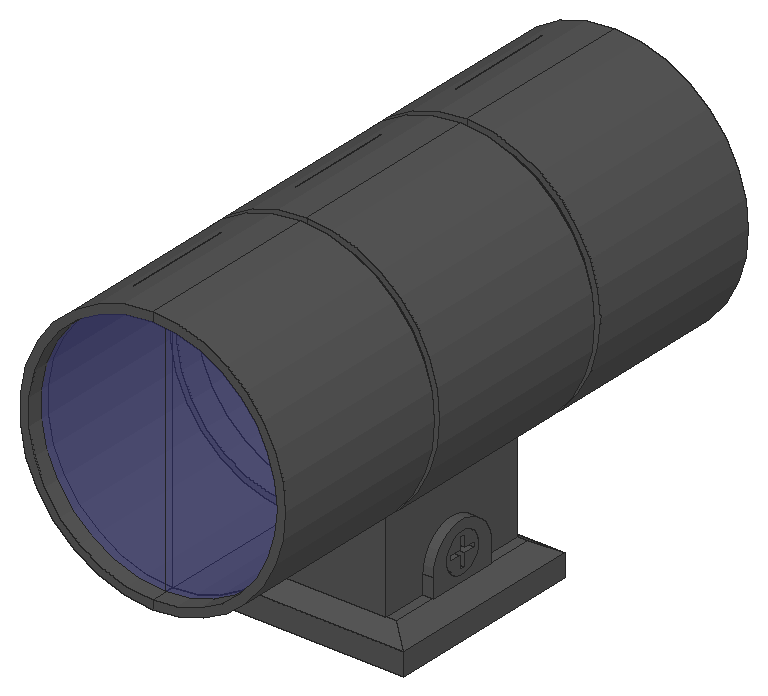
Revit family "CARLO CYLINDER LIGHT WALL MOUNT", category Lighting Fixtures, host Face, Revit 2020 (continued)
Types (10): name | Wattage_Input | Wattage Comments | Wattage | Photometric Web File | built-in parameter 1150142 | Model | built-in parameter 1150105 | Lumens | Light Length 1 | LIGHT RADIUS | LIGHT PLACEMENT | LIGHT LENGTH | LIGHT DIA | built-in parameter 1150106 | FIXED END HEIGHT | Curve base Height | Base Curve | BEAMING ANGLE | Apparent Load
    .3656 7.9061 8.465 9.0389 9.628 10.235 10.848 11.44 \r\n 12.053 12.741 13.449 14.12 14.813 15.574 16.382 17.207 18.122 19.169 \r\n 20.403 21.835 23.636 25.996 28.863 31.591 36.152 44.499 56.044 71.444 \r\n 88.906 106.45 125.29 146.83 168.54 188.62 206.36 219.74 230.89 241.49 \r\n 250.9 259.29 265.91 269.5 271.67 273.55 275.35 277.89 280.42 282.08 \r\n 284.07 287.83 291.78 294.55 297.08 300.01 302.84 305.03 307.35 310.69 \r\n 314.2 317.21 320.03 322.65 325.25 327.93 330.8 334 337.49 341.23 \r\n 345.37 350.04 355.24 360.81 367.4 375.43 385.42 397.71 413.26 432.81 \r\n 457.31 487.68 524.74 569.47 622.31 683.14 754.63 841.25 937.48 1035 \r\n 1146.7 1285.7 1443.8 1619 1805.6 1998.5 2194.3 2388.3 2579.7 2765.6 \r\n 2947.1 3130.6 3297.8 3430.2 3534.9 3611.8 3663.7 3688.5 3701.5 3719 \r\n 3733.6 \r\n3725 3713.6 3697.1 3685.4 3664.5 3622.5 3558.5 3467.1 3350.5 3206.9 \r\n 3044 2869.9 2682.8 2479.5 2272.6 2074.8 1881.9 1691.4 1511.3 1346.2 \r\n 1203.1 1099.1 1008.6 906.07 807.93 722.34 648.58 590.24 542.56 501.99 \r\n 468.59 441.59 420.01 402.89 389.38 378.42 369.62 362.28 356.18 350.97 \r\n 346.45 342.36 338.65 335.15 331.96 329.2 326.63 324.07 321.49 318.87 \r\n 316.08 312.81 309.65 307.3 305.06 302.29 299.53 297.38 295.05 291.6 \r\n 288.12 285.76 283.52 280.46 277.48 275.39 273.5 271.31 269.13 267.9 \r\n 265.33 259.3 250.19 237.53 221.64 201.98 180.66 159.6 138.88 119.56 \r\n 100.69 80.903 62.501 47.065 35.428 30.136 27.635 24.961 22.879 21.175 \r\n 19.82 18.746 17.862 17.054 16.316 15.599 14.916 14.27 13.639 12.99 \r\n 12.356 11.769 11.192 10.588 9.9887 9.4174 8.8601 8.3103 7.7689 7.2296 \r\n 6.708 6.2206 5.758 5.3142 4.8954 4.506 4.1461 3.8168 3.5199 3.2613 \r\n 3.0288 2.8086 2.6107 2.4452 2.2984 2.158 2.0301 1.9188 1.8181 1.7222 \r\n 1.6343 1.5566 1.4858 1.4207 1.3575 1.2894 1.2246 1.1724 1.1232 1.0692 \r\n 1.0154 0.96455 0.91595 0.87057 0.82624 0.77928 0.73509 0.69985 0.66759 0.63386 \r\n 0.6003 0.56655 0.53418 0.50551 0.47798 0.45035 0.42257 0.39378 0.36524 0.33813 \r\n 0.31186 0.28659 0.26133 0.23436 0.20801 0.18436 0.16242 0.14241 0.12278 0.10126 \r\n 0.080286 0.061839 0.044963 0.028729 0.015048 0.0057369 0.00014648 0 0 0 \r\n 0 0 0 0 0.000064 0.0018041 0.0057465 0.013254 0.023425 0.035232 \r\n 0.050409 0.072045 0.095041 0.11382 0.13291 0.15583 0.18008 0.20385 0.2285 0.25552 \r\n 0.28281 0.30822 0.33339 0.35918 0.38579 0.41422 0.44288 0.46978 0.4971 0.52685 \r\n 0.55757 0.58871 0.61947 0.64745 0.67688 0.71636 0.75912 0.80032 0.84269 0.88711 \r\n 0.93434 0.98684 1.0405 1.0894 1.1412 1.2036 1.2697 1.3345 1.4 1.4638 \r\n 1.5335 1.6179 1.7109 1.807 1.9132 2.0365 2.1727 2.3167 2.4783 2.6673 \r\n 2.8775 3.1037 3.3529 3.6296 3.9354 4.273 4.6446 5.0588 5.4997 5.9501 \r\n 6.423 6.9301 7.4591 8.0014 8.5591 9.1309 9.7184 10.33 10.945 11.528 \r\n 12.131 12.812 13.512 14.173 14.855 15.608 16.403 17.208 18.093 19.091 \r\n 20.275 21.677 23.453 25.782 28.621 31.245 35.873 44.702 57.078 73.863 \r\n 92.706 111.07 130.37 151.82 173.49 194.19 212.91 227.81 240.11 250.51 \r\n 258.65 264.11 267.81 270.45 272.3 273.65 275.09 277.66 280.31 281.84 \r\n 283.68 287.42 291.34 293.86 296.19 299.21 302.23 304.62 307.15 310.65 \r\n 314.28 317.37 320.26 323.06 325.79 328.44 331.23 334.43 337.93 341.69 \r\n 345.82 350.41 355.55 361.2 367.93 376.13 386.36 399.02 415.02 435.07 \r\n 460.16 491.25 529.11 574.73 628.43 689.52 762.09 853.12 953.29 1049.9 \r\n 1160 1299.6 1458.7 1634.4 1821.3 2012.8 2208.7 2408.8 2606.2 2793.6 \r\n 2973.2 3149.8 3309.4 3438.1 3540.2 3613.9 3663.4 3687.8 3701.1 3718.4 \r\n 3733.6 \r\n3725 3717.7 3700.5 3686.6 3662.2 3615 3544.6 3445 3320.4 3170.3 \r\n 3002.4 2824.9 2635.4 2429.9 2222.1 2025.8 1835.8 1648.8 1473 1314.4 \r\n 1175.6 1068 972.17 866.67 769.73 695.91 634.76 580.16 533.62 494.92 \r\n 463.07 437.37 416.78 400.29 387.22 376.72 368.34 361.45 355.73 350.68 \r\n 346.22 342.1 338.34 334.81 331.61 328.88 326.26 323.34 320.32 317.33 \r\n 314.16 310.42 306.77 304 301.37 298.14 295.05 293.01 290.82 287.02 \r\n 283.37 281.68 280.25 277.46 274.85 273.82 273.11 271.67 270.24 270.29 \r\n 268.6 262.04 251.83 237.92 220.9 200.83 179.29 157.82 136.63 116.75 \r\n 97.298 76.616 58.012 44.644 35.291 30.601 28.121 25.345 23.081 21.354 \r\n 20.002 18.893 17.967 17.129 16.356 15.584 14.849 14.183 13.537 12.852 \r\n 12.186 11.597 11.022 10.406 9.7927 9.2092 8.6419 8.087 7.5435 7.0036 \r\n 6.4851 6.0077 5.5579 5.125 4.7196 4.3517 4.0129 3.6953 3.4067 3.1565 \r\n 2.9325 2.7235 2.536 2.3765 2.2344 2.0999 1.9774 1.8701 1.7724 1.6779 \r\n 1.5919 1.5205 1.4552 1.3888 1.3229 1.2551 1.1908 1.137 1.0863 1.0314 \r\n 0.97813 0.93097 0.88583 0.83959 0.79391 0.74797 0.706 0.67537 0.64574 0.6137 \r\n 0.58167 0.5511 0.52152 0.49319 0.46537 0.43731 0.40927 0.38097 0.35316 0.32685 \r\n 0.30103 0.27498 0.24893 0.22238 0.19684 0.17407 0.1528 0.13273 0.11267 0.090165 \r\n 0.068645 0.051547 0.03644 0.020893 0.0083413 0.0024662 0.000092 0 0 0 \r\n 0 0 0 0 0.000092 0.0024662 0.0083413 0.020893 0.03644 0.051547 \r\n 0.068645 0.090165 0.11267 0.13273 0.1528 0.17407 0.19684 0.22238 0.24893 0.27498 \r\n 0.30103 0.32685 0.35316 0.38097 0.40927 0.43731 0.46537 0.49319 0.52152 0.5511 \r\n 0.58167 0.6137 0.64574 0.67537 0.706 0.74797 0.79391 0.83959 0.88583 0.93097 \r\n 0.97813 1.0314 1.0863 1.137 1.1908 1.2551 1.3229 1.3888 1.4552 1.5205 \r\n 1.5919 1.6779 1.7724 1.8701 1.9774 2.0999 2.2344 2.3765 2.536 2.7235 \r\n 2.9325 3.1565 3.4067 3.6953 4.0129 4.3517 4.7196 5.125 5.5579 6.0077 \r\n 6.4851 7.0036 7.5435 8.087 8.6419 9.2092 9.7927 10.406 11.022 11.597 \r\n 12.186 12.852 13.537 14.183 14.849 15.584 16.356 17.129 17.967 18.893 \r\n 20.002 21.354 23.081 25.345 28.121 30.601 35.291 44.644 58.012 76.616 \r\n 97.298 116.75 136.63 157.82 179.29 200.83 220.9 237.92 251.83 262.04 \r\n 268.6 270.29 270.24 271.67 273.11 273.82 274.85 277.46 280.25 281.68 \r\n 283.37 287.02 290.82 293.01 295.05 298.14 301.37 304 306.77 310.42 \r\n 314.16 317.33 320.32 323.34 326.26 328.88 331.61 334.81 338.34 342.1 \r\n 346.22 350.68 355.73 361.45 368.34 376.72 387.22 400.29 416.78 437.37 \r\n 463.07 494.92 533.62 580.16 634.76 695.91 769.73 866.67 972.17 1068 \r\n 1175.6 1314.4 1473 1648.8 1835.8 2025.8 2222.1 2429.9 2635.4 2824.9 \r\n 3002.4 3170.3 3320.4 3445 3544.6 3615 3662.2 3686.6 3700.5 3717.7 \r\n 3733.6 \r\n3725 3718.4 3701.1 3687.8 3663.4 3613.9 3540.2 3438.1 3309.4 3149.8 \r\n 2973.2 2793.6 2606.2 2408.8 2208.7 2012.8 1821.3 1634.4 1458.7 1299.6 \r\n 1160 1049.9 953.29 853.12 762.09 689.52 628.43 574.73 529.11 491.25 \r\n 460.16 435.07 415.02 399.02 386.36 376.13 367.93 361.2 355.55 350.41 \r\n 345.82 341.69 337.93 334.43 331.23 328.44 325.79 323.06 320.26 317.37 \r\n 314.28 310.65 307.15 304.62 302.23 299.21 296.19 293.86 291.34 287.42 \r\n 283.68 281.84 280.31 277.66 275.09 273.65 272.3 270.45 267.81 264.11 \r\n 258.65 250.51 240.11 227.81 212.91 194.19 173.49 151.82 130.37 111.07 \r\n 92.706 73.863 57.078 44.702 35.873 31.245 28.621 25.782 23.453 21.677 \r\n 20.275 19.091 18.093 17.208 16.403 15.608 14.855 14.173 13.512 12.812 \r\n 12.131 11.528 10.945 10.33 9.7184 9.1309 8.5591 8.0014 7.4591 6.9301 \r\n 6.423 5.9501 5.4997 5.0588 4.6446 4.273 3.9354 3.6296 3.3529 3.1037 \r\n 2.8775 2.6673 2.4783 2.3167 2.1727 2.0365 1.9132 1.807 1.7109 1.6179 \r\n 1.5335 1.4638 1.4 1.3345 1.2697 1.2036 1.1412 1.0894 1.0405 0.98684 \r\n 0.93434 0.88711 0.84269 0.80032 0.75912 0.71636 0.67688 0.64745 0.61947 0.58871 \r\n 0.55757 0.52685 0.4971 0.46978 0.44288 0.41422 0.38579 0.35918 0.33339 0.30822 \r\n 0.28281 0.25552 0.2285 0.20385 0.18008 0.15583 0.13291 0.11382 0.095041 0.072045 \r\n 0.050409 0.035232 0.023425 0.013254 0.0057465 0.0018041 0.000064 0 0 0 \r\n 0 0 0 0 0.00014648 0.0057369 0.015048 0.028729 0.044963 0.061839 \r\n 0.080286 0.10126 0.12278 0.14241 0.16242 0.18436 0.20801 0.23436 0.26133 0.28659 \r\n 0.31186 0.33813 0.36524 0.39378 0.42257 0.45035 0.47798 0.50551 0.53418 0.56655 \r\n 0.6003 0.63386 0.66759 0.69985 0.73509 0.77928 0.82624 0.87057 0.91595 0.96455 \r\n 1.0154 1.0692 1.1232 1.1724 1.2246 1.2894 1.3575 1.4207 1.4858 1.5566 \r\n 1.6343 1.7222 1.8181 1.9188 2.0301 2.158 2.2984 2.4452 2.6107 2.8086 \r\n 3.0288 3.2613 3.5199 3.8168 4.1461 4.506 4.8954 5.3142 5.758 6.2206 \r\n 6.708 7.2296 7.7689 8.3103 8.8601 9.4174 9.9887 10.588 11.192 11.769 \r\n 12.356 12.99 13.639 14.27 14.916 15.599 16.316 17.054 17.862 18.746 \r\n 19.82 21.175 22.879 24.961 27.635 30.136 35.428 47.065 62.501 80.903 \r\n 100.69 119.56 138.88 159.6 180.66 201.98 221.64 237.53 250.19 259.3 \r\n 265.33 267.9 269.13 271.31 273.5 275.39 277.48 280.46 283.52 285.76 \r\n 288.12 291.6 295.05 297.38 299.53 302.29 305.06 307.3 309.65 312.81 \r\n 316.08 318.87 321.49 324.07 326.63 329.2 331.96 335.15 338.65 342.36 \r\n 346.45 350.97 356.18 362.28 369.62 378.42 389.38 402.89 420.01 441.59 \r\n 468.59 501.99 542.56 590.24 648.58 722.34 807.93 906.07 1008.6 1099.1 \r\n 1203.1 1346.2 1511.3 1691.4 1881.9 2074.8 2272.6 2479.5 2682.8 2869.9 \r\n 3044 3206.9 3350.5 3467.1 3558.5 3622.5 3664.5 3685.4 3697.1 3713.6 \r\n 3733.6 \r\n3725 3719 3701.5 3688.5 3663.7 3611.8 3534.9 3430.3 3297.8 3130.6 \r\n 2947.1 2765.6 2579.7 2388.3 2194.3 1998.5 1805.6 1619 1443.8 1285.7 \r\n 1146.7 1035 937.48 841.25 754.63 683.14 622.31 569.47 524.74 487.68 \r\n 457.31 432.81 413.26 397.71 385.42 375.43 367.4 360.81 355.24 350.04 \r\n 345.37 341.23 337.49 334 330.8 327.93 325.25 322.65 320.03 317.21 \r\n 314.2 310.69 307.35 305.03 302.84 300.01 297.08 294.55 291.78 287.83 \r\n 284.07 282.08 280.42 277.89 275.35 273.55 271.67 269.5 265.91 259.29 \r\n 250.9 241.49 230.89 219.74 206.36 188.62 168.54 146.83 125.29 106.45 \r\n 88.906 71.444 56.044 44.499 36.152 31.591 28.863 25.996 23.636 21.835 \r\n 20.403 19.169 18.122 17.207 16.382 15.574 14.813 14.12 13.449 12.741 \r\n 12.053 11.44 10.848 10.235 9.628 9.0389 8.465 7.9061 7.3656 6.8464 \r\n 6.3499 5.8814 5.4315 4.9851 4.5649 4.1919 3.857 3.5614 3.295 3.048 \r\n 2.8214 2.6119 2.4231 2.2609 2.116 1.9794 1.8562 1.7514 1.6573 1.566 \r\n 1.4832 1.415 1.3527 1.2884 1.2248 1.1604 1.0999 1.0498 1.0024 0.95007 \r\n 0.89861 0.85153 0.80779 0.76849 0.73082 0.69056 0.65303 0.62457 0.59787 0.56824 \r\n 0.53793 0.50719 0.47734 0.4507 0.42445 0.39548 0.36696 0.3418 0.31766 0.29336 \r\n 0.26826 0.24013 0.21251 0.18946 0.16718 0.14186 0.11766 0.099168 0.081263 0.058004 \r\n 0.036396 0.022607 0.013219 0.0071697 0.0035753 0.0012072 0.000040 0 0 0 \r\n 0 0 0 0 0.00018482 0.0081006 0.019957 0.034694 0.051667 0.069894 \r\n 0.089325 0.10985 0.13066 0.1503 0.17061 0.19309 0.21737 0.24438 0.27171 0.29639 \r\n 0.32107 0.34772 0.37549 0.40463 0.43385 0.46154 0.48897 0.51627 0.5452 0.57971 \r\n 0.6159 0.6506 0.68561 0.7207 0.75876 0.8046 0.85233 0.89575 0.9406 0.99192 \r\n 1.0457 1.0998 1.1533 1.2018 1.2534 1.3183 1.3866 1.4483 1.5133 1.589 \r\n 1.6724 1.7624 1.8601 1.9642 2.0798 2.2126 2.3585 2.5105 2.6825 2.8899 \r\n 3.1205 3.3618 3.6294 3.936 4.2774 4.656 5.0643 5.4954 5.9495 6.4239 \r\n 6.9208 7.446 7.9858 8.5265 9.0734 9.6246 10.188 10.777 11.373 11.954 \r\n 12.542 13.152 13.774 14.396 15.031 15.679 16.361 17.085 17.888 18.768 \r\n 19.845 21.231 22.954 24.923 27.605 30.384 36.42 49.982 67.114 85.389 \r\n 104.5 122.96 141.84 162.04 182.59 203.55 222.75 237.75 249.45 257.61 \r\n 263.12 266.41 268.69 271.48 274.29 277.1 280.03 283.27 286.51 289.38 \r\n 292.24 295.52 298.67 301.09 303.32 305.8 308.19 310.12 312.13 314.88 \r\n 317.74 320.22 322.57 324.8 327.1 329.65 332.47 335.65 339.13 342.82 \r\n 346.92 351.53 356.95 363.43 371.27 380.59 392.13 406.3 424.28 447.1 \r\n 475.63 510.83 553.5 602.71 664.59 748.6 843.82 943.45 1044.6 1133 \r\n 1236.2 1384 1555 1739 1932.4 2127.4 2326 2531.7 2732.5 2916.7 \r\n 3086.8 3243.9 3380.7 3489.1 3572.5 3630 3667 3684.8 3694.9 3710.5 \r\n 3733.6 \r\n3725 3719.4 3701.7 3688.6 3663 3608.6 3528.7 3421.4 3285.6 3112.7 \r\n 2924.2 2740.9 2555.8 2368.7 2179 1982.9 1788.8 1602.5 1428.3 1272.7 \r\n 1135.7 1023 924.74 831.06 747.37 676.78 616.37 564.37 520.49 484.21 \r\n 454.53 430.59 411.5 396.35 384.38 374.61 366.75 360.29 354.79 349.58 \r\n 344.87 340.73 337 333.52 330.32 327.36 324.62 322.12 319.63 316.86 \r\n 313.91 310.56 307.4 305.23 303.19 300.54 297.72 295.07 292.15 288.25 \r\n 284.55 282.4 280.58 278.14 275.63 273.54 271.23 268.81 264.54 255.85 \r\n 245.34 234.99 224.17 213.69 201.25 184.11 164.46 142.85 121.4 102.9 \r\n 85.898 69.359 54.91 44.036 36.126 31.639 28.847 25.986 23.63 21.828 \r\n 20.387 19.128 18.054 17.125 16.292 15.482 14.722 14.024 13.349 12.64 \r\n 11.951 11.33 10.733 10.124 9.5214 8.9334 8.3597 7.801 7.2629 6.7527 \r\n 6.2656 5.8017 5.3533 4.9038 4.4805 4.1086 3.7778 3.4909 3.2332 2.9893 \r\n 2.7643 2.5573 2.3706 2.2091 2.0645 1.9284 1.8063 1.7034 1.6114 1.522 \r\n 1.4411 1.3744 1.3133 1.2503 1.1882 1.1256 1.0668 1.0181 0.97192 0.92111 \r\n 0.87094 0.82423 0.78113 0.7441 0.70899 0.671 0.63445 0.60673 0.58095 0.55229 \r\n 0.52275 0.49211 0.46223 0.43597 0.4101 0.3811 0.35277 0.32883 0.30598 0.28228 \r\n 0.25737 0.22881 0.20096 0.17921 0.15812 0.13214 0.10704 0.088795 0.071339 0.04804 \r\n 0.026606 0.013669 0.0058241 0.0026399 0.0018275 0.00067547 0.000020 0 0 0 \r\n 0 0 0 0 0.00020697 0.0095575 0.023067 0.038787 0.05655 0.075714 \r\n 0.095761 0.11593 0.13632 0.1564 0.17735 0.20024 0.2249 0.25242 0.28007 0.30436 \r\n 0.32865 0.35562 0.38391 0.41351 0.4431 0.47089 0.49832 0.52549 0.55458 0.59059 \r\n 0.62848 0.66393 0.69979 0.7369 0.777 0.82394 0.87218 0.91512 0.9598 1.0131 \r\n 1.0689 1.1233 1.1766 1.2253 1.2771 1.342 1.4102 1.4716 1.5375 1.6178 \r\n 1.7061 1.7986 1.8984 2.0064 2.1263 2.2636 2.4146 2.5724 2.7513 2.9675 \r\n 3.2075 3.458 3.7353 4.0529 4.407 4.8019 5.2262 5.6686 6.1323 6.6176 \r\n 7.1235 7.6528 8.1942 8.7356 9.2817 9.8305 10.39 10.973 11.565 12.153 \r\n 12.743 13.338 13.942 14.561 15.194 15.823 16.491 17.224 18.048 18.957 \r\n 20.076 21.522 23.306 25.231 28.031 31.345 38.266 53.396 71.853 90.077 \r\n 108.7 126.94 145.52 165.15 185.08 205.53 224.21 238.58 249.61 256.96 \r\n 261.99 265.83 268.93 272.2 275.47 278.97 282.49 285.89 289.22 292.52 \r\n 295.72 298.8 301.66 304.14 306.42 308.67 310.76 312.45 314.22 316.63 \r\n 319.16 321.41 323.55 325.55 327.68 330.24 333.11 336.3 339.78 343.47 \r\n 347.62 352.35 358.02 364.91 373.28 383.2 395.48 410.51 429.59 453.88 \r\n 484.18 521.45 566.44 617.58 682.78 774.69 877.4 978.79 1080.2 1169.5 \r\n 1274.8 1427.7 1604.2 1791.7 1987.3 2183.5 2382.1 2586.4 2784.5 2965.3 \r\n 3130.7 3281.5 3411 3511.2 3586.7 3637.7 3669.7 3684.9 3693.8 3708.5 \r\n 3733.6 \r\n3725 3719.7 3701.8 3688.2 3661.4 3604.5 3521.6 3411.5 3272.8 3096.1 \r\n 2904.3 2719.6 2534.5 2349.9 2162.6 1965.9 1770.8 1584.9 1412.3 1260.5 \r\n 1127 1014.1 915.07 822.54 740.3 670.44 610.64 559.44 516.38 480.84 \r\n 451.83 428.4 409.74 394.95 383.25 373.69 365.96 359.62 354.21 349.01 \r\n 344.31 340.19 336.47 333 329.78 326.73 323.9 321.47 319.06 316.32 \r\n 313.42 310.24 307.28 305.22 303.29 300.81 298.12 295.42 292.45 288.69 \r\n 285.11 282.8 280.8 278.41 275.94 273.6 270.97 268.39 263.71 253.77 \r\n 241.99 231.01 219.95 209.66 197.59 180.67 161.22 139.87 118.69 100.4 \r\n 83.681 67.609 53.677 43.313 35.796 31.388 28.572 25.752 23.435 21.656 \r\n 20.227 18.968 17.891 16.963 16.133 15.333 14.582 13.886 13.211 12.509 \r\n 11.826 11.201 10.599 9.9943 9.3986 8.8141 8.2432 7.6862 7.151 6.649 \r\n 6.1703 5.7109 5.2649 4.8149 4.3914 4.023 3.6976 3.4179 3.1673 2.9277 \r\n 2.7062 2.5036 2.3207 2.1612 2.018 1.8838 1.7636 1.6629 1.5733 1.4862 \r\n 1.4071 1.3417 1.2818 1.2204 1.1599 1.0992 1.0421 0.99438 0.94915 0.89997 \r\n 0.85133 0.8052 0.76269 0.72729 0.69387 0.65723 0.62114 0.59392 0.5687 0.54086 \r\n 0.51204 0.48162 0.45179 0.42557 0.3998 0.37106 0.34321 0.32026 0.29836 0.27497 \r\n 0.25015 0.22154 0.19384 0.17311 0.15292 0.12668 0.10107 0.082693 0.06527 0.042153 \r\n 0.021037 0.0084194 0.0012389 0 0.0005033 0.00020887 0.000006 0 0 0 \r\n 0 0 0 0 0.00021294 0.010107 0.02438 0.041008 0.059614 0.079296 \r\n 0.099595 0.1195 0.13976 0.16072 0.18266 0.20583 0.23061 0.25849 0.28641 0.3105 \r\n 0.33461 0.36182 0.3905 0.42042 0.45033 0.47841 0.50604 0.53316 0.56231 0.59918 \r\n 0.63802 0.67383 0.71014 0.74848 0.7898 0.83729 0.88579 0.92869 0.97354 1.028 \r\n 1.0851 1.1396 1.193 1.2428 1.2957 1.3603 1.4283 1.4907 1.5586 1.6428 \r\n 1.7355 1.8306 1.9332 2.0452 2.1697 2.3111 2.4667 2.631 2.8173 3.0412 \r\n 3.2899 3.5497 3.8376 4.1675 4.5347 4.9437 5.3812 5.8337 6.3066 6.8019 \r\n 7.3162 7.8501 8.3941 8.9376 9.4852 10.035 10.596 11.177 11.768 12.364 \r\n 12.961 13.548 14.143 14.765 15.
